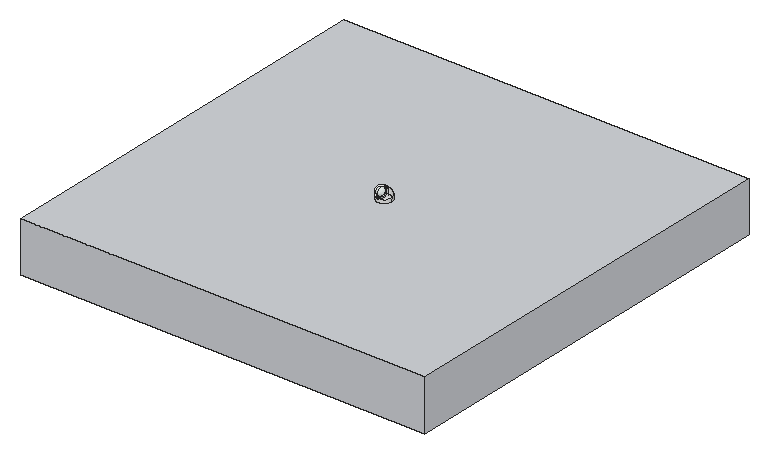
Revit family "Legrand_Lighting_Management_Standalone_Motion_Sensor_360D_Wall", category Dispositifs d'éclairage, Revit 2020
Family settings
  Hôte = Face
  Conserver l'orientation des annotations = Oui
  Cote de connecteur circulaire = Utiliser le diamètre
  Type d'élément = Normal
  Couper avec des vides une fois chargée = Non
  Partagée = Non
  Point de calcul de pièce = Non
Parameters
  Voltage type = "AC"
  URL = "http://www.legrandoc.com/048943"
  Temperature (MIN) (°C) = -5
  Temperature (MAX) (°C) = 45
  Suitable for wireless transmission = "no"
  Substation input = "no"
  Response value sensitivity adjustable = "no"
  Response value luminosity adjustable = "yes"
  Response value luminosity (MIN) (lx) = 5
  Response value luminosity (MAX) (lx) = 1275
  Remote operation = "no"
  RAL-number (akin) = "9003"
  Product ID = "048943"
  Nominal voltage (V) = "230"
  Mounting method = "Surface mounted (plaster)"
  Model = "Movement sensor"
  Min. switch-on time (s) = "10"
  Maximum mounting height (m) = "2.5"
  Max. switching power (W) = 1000
  Max. starting current (A) = "4.3"
  Max. duty cycle (mn) = "10"
  Label [instance] = no
  Indication distance [instance] = 8 mm
  Image du type = PH6-Wall.jpg
  HVAC-control = "no"
  General Conditions of Use = "https://export.legrand.com/en/terms-of-use-BIM-objects"
  Frequency (MIN) (Hz) = 50
  Frequency (MAX) (Hz) = 60
  Forced switch off = "no"
  Fabricant = "LEGRAND"
  Elévation par défaut = 2500 mm
  ETIM-5.0 Class = "EC000133"
  Dim function with dimmer basic element = "no"
  Detection zone [instance] = no
  Detection angle horizontal (MIN) (°) = 0
  Detection angle horizontal (MAX) (°) = 360
  Description = "PIR MOTION SENSOR 360 DEGREES WALL/CEILING IP55"
  Constant light control = "yes"
  Colour = "White"
  Code d'assemblage = "D5010200"
  Classe de protection (IP) = "IP55"
  Alarm function = "no"
Reference planes
  plane 1 "Centre (avant/arrière)": y = 0
  plane 2: z = 0
  plane 3 "Centre (gauche/droite)": x = 0
Forms (mm)
  Extrusion 1, solid
    sketch origin (0, 0, 0) x (1, 0, 0) y (0, 1, 0)
      loop
        line (-1219.2, 1219.2) -> (-1219.2, -1219.2) -> (1219.2, -1219.2) -> (1219.2, 1219.2) -> (-1219.2, 1219.2)
    from 0 to -304.8
Dimensions and locks
  aligned and locked: plane 2 to Extrusion 1
  aligned and locked: level to Extrusion 1
  aligned and locked: nested 1 to plane 2
Nested families
  nested 1: "048943 plaf" at (0, 0, 0), type "048943 plaf"
  nested 2: "Symbole D" at (0, 0, 0), type "Symbole D"
  nested 3: "Zone de detection 8mx8m- plan" at (0, 0, 0) x (0, 0, 1) z (0, -1, 0), visible <- "Detection zone", type "Zone de detection 8mx8m- plan"
  nested 4: "Détection 140° EN" at (0, 166.559, 0), visible <- "Label", Indication distance <- "Indication distance", type "Détection 140° EN"
    with Indication distance 8 mm
Connectors
  electrical at (0, 0, 0)
    settings: on nested 1, index 1, voltage 230 V, apparent load 0 VA, apparent load phase1 0 VA, apparent load phase2 0 VA, apparent load phase3 0 VA, power factor 1, load classification "Autre", number of poles 1, system type 31, power factor state 1, is connector primary yes, connector utility no, sub classification motor no, connector description ""
Definition of nested family "048943 plaf"
  Parameters (values of type "048943 plaf")
    Optique = none
    built-in parameter 1140140 [instance] = 1 (stored number, unit not read)
    Finition = none
    Default Elevation = 0 mm
    built-in parameter 1140142 [instance] = -1
    built-in parameter 1155100 [instance] = -1
  Reference planes
    plane 1 "Centre (avant/arrière)": y = 0
    plane 2: z = 0
    plane 3 "Centre (gauche/droite)": x = 0
  Forms (mm)
    SweptBlend 1, solid, material <- "Finition"
      path origin (0, -45.25, 0) x (0, 0, -1) y (0, 1, 0)
        loop
          arc (-20.345, 67.875) -> (-47.049, 62.401) -> (-69.446, 46.863) r 67.875
      profile origin (0, 22.625, 20.345) x (0, -1, 0) y (1, 0, 0)
        loop
          circle (22.625, 0) r 44.25
      end profile origin (0, 1.613, 69.446) x (0, -0.690434, -0.723395) y (1, 0, 0)
        loop
          spline (32.637, -33) -> (41.176, -31.876) -> (49.132, -28.579) -> (55.965, -23.335) -> (61.208, -16.5) -> (64.504, -8.541) -> (65.628, 0) -> (64.504, 8.541) -> (61.208, 16.5) -> (55.965, 23.335) -> (49.132, 28.579) -> (41.176, 31.876) -> (32.637, 33)
          spline (32.637, 33) -> (24.098, 31.876) -> (16.141, 28.579) -> (9.309, 23.335) -> (4.066, 16.5) -> (0.77, 8.541) -> (-0.354, 0) -> (0.77, -8.541) -> (4.066, -16.5) -> (9.309, -23.335) -> (16.141, -28.579) -> (24.098, -31.876) -> (32.637, -33)
    Extrusion 2, solid, material <- "Finition"
      sketch origin (0, -20.92, 45.836) x (0, 0.690434, 0.723395) y (-1, 0, 0)
        loop
          arc (0, -33) -> (32.991, 0) -> (0, 33) r 33
          arc (0, 33) -> (-32.991, 0) -> (0, -33) r 33
      from 0 to 10
    Revolve 3, solid, material <- "Optique"
      sketch origin (0, -45.25, 0) x (0, 0, -1) y (0, 1, 0)
        loop
          arc (-69.372, 32.969) -> (-71.978, 17.908) -> (-64.892, 4.364) r 23.816
          line (-64.892, 4.364) -> (-52.74, 17.096) -> (-69.372, 32.969)
        axis (-52.74, 17.096) -> (-64.892, 4.364)
      angle from 0 to 360
    Extrusion 4, solid, material <- "Finition"
      sketch origin (0, -45.25, 12.905) x (1, 0, 0) y (0, 1, 0)
        loop
          circle (0, 45.25) r 44.249
      from -12.905 to 7.44
  Dimensions and locks
    aligned and locked: level to plane 2
    aligned and locked: Revolve 3 to Extrusion 2
    aligned and locked: Extrusion 4 to level
    aligned and locked: Extrusion 4 to SweptBlend 1
Definition of nested family "Symbole D"
  Reference planes
    plane 1: y = 0
    plane 2: x = 0
  Lines and regions (mm)
    detail lines
      curve 1: spline (0.481, 2.356, 0) -> (0.429, 2.16, 0) -> (0.363, 1.989, 0) -> (0.285, 1.851, 0) -> (0.199, 1.748, 0) -> (0.106, 1.685, 0) -> (0.01, 1.664, 0) -> (-0.085, 1.685, 0) -> (-0.178, 1.748, 0) -> (-0.264, 1.851, 0) -> (-0.342, 1.989, 0) -> (-0.408, 2.16, 0) -> (-0.46, 2.356, 0)
      curve 2: arc (0.821, 3.072, 0) -> (-0.004, 3.293, 0) -> (-0.828, 3.072, 0) r 1.643
      curve 3: arc (-0.64, 2.774, 0) -> (0.004, 2.96, 0) -> (0.648, 2.774, 0) r 1.213
      curve 4: arc (-1.023, 3.436, 0) -> (0.005, 3.717, 0) -> (1.032, 3.436, 0) r 2.018
      curve 5: line (-1.042, 0.262, 0) -> (1.042, 0.262, 0)
      curve 6: arc (-0.945, 0.262, 0) -> (0, 1.008, 0) -> (0.945, 0.262, 0) r 0.972
      curve 7: line (-1.042, 0.262, 0) -> (-1.042, 0, 0)
      curve 8: line (-1.042, 0, 0) -> (1.042, 0, 0)
      curve 9: line (1.042, 0, 0) -> (1.042, 0.262, 0)
  Text (mm)
    text "IR" at (0.939, 0.64, 0)
  Dimensions and locks
    aligned and locked: plane 2 to curve 6
    aligned and locked: plane 1 to curve 8
Definition of nested family "Zone de detection 8mx8m- plan"
  Reference planes
    plane 1 "Centre (avant/arrière)": y = 0
    plane 2: z = 0
    plane 3 "Centre (gauche/droite)": x = 0
  Lines and regions (mm)
    detail lines, in view "Niveau de réf."
      curve 1: line (0, 0, 0) -> (721.302, 3710.78, 0)
      curve 2: arc (721.302, 3710.78, 0) -> (2441.116, 3995.524, 0) -> (4177.517, 3841.424, 0) r 6919.682
      curve 3: arc (4177.517, 3841.424, 0) -> (5129.358, 3552.591, 0) -> (6023.197, 3116.154, 0) r 6238.805
      curve 4: arc (7539.88, 1630.18, 0) -> (6874.01, 2467.549, 0) -> (6023.197, 3116.154, 0) r 4331.154
      curve 5: arc (7539.88, 1630.18, 0) -> (7881.502, 846.673, 0) -> (7998.686, 0, 0) r 3133.455
      curve 6: line (0, 0, 0) -> (721.302, -3710.78, 0)
      curve 7: arc (721.302, -3710.78, 0) -> (2441.116, -3995.524, 0) -> (4177.517, -3841.424, 0) r 6919.682
      curve 8: arc (4177.517, -3841.424, 0) -> (5129.358, -3552.591, 0) -> (6023.197, -3116.154, 0) r 6238.805
      curve 9: arc (7539.88, -1630.18, 0) -> (6874.01, -2467.549, 0) -> (6023.197, -3116.154, 0) r 4331.154
      curve 10: arc (7539.88, -1630.18, 0) -> (7881.502, -846.673, 0) -> (7998.686, 0, 0) r 3133.455
Definition of nested family "Détection 140° EN"
  Parameters (values of type "Détection 140° EN")
    Indication distance [instance] = 0 mm
  Reference planes
    plane 1: y = 0
    plane 2: x = 0
  Text (mm)
    label "140°, Indication distancem front detection at 2.5m height" at (-0.885, 0.234, 0), shows "Indication distance"
